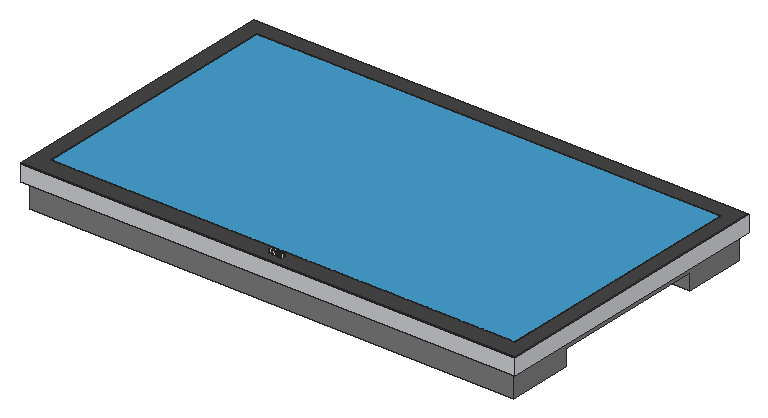
Revit family
Parameters (values of type "LCD8205")
  URL = "http://www.necdisplay.com/Products/Product/?product=0be3bc0b-e283-47a4-8a50-b0f5dac0808f"
  Display (Viewing Angle) = "178º Vert. 178º Hor. 89ºU/89ºD/89ºL/89ºR"
  Display (Viewable image Size) = 82.000"
  VESA Hole Configuration Specifications = "638 x 380 x 3mm (8 hole)"
  Sync Range (Vert.) = "55 to 85Hz"
  Sync Range (Horiz) = "20-82KHz"
  Power Consumption = "880 W"
  Display (Repsonse Time) = "8ms G-t-G"
  Display (Pixel Pitch) = "0.941mm"
  Display (Pixel Per inch) = ""
  Overall Width = 75.830"
  Overall Height = 44.780"
  Native Resolution = "1920 X 1080"
  Model = "LCD8205"
  Manufacturer = "NEC"
  Input Signal (Video) = "ANALOG RGB 0.7 Vp-p/75 Ohms"
  Input Signal (Sync) = "Separate sync: TTL Level (Positive/Negative)\r\nComposite sync: TTL Level (Positive/Negative)\r\nComposite sync on green: (0.3Vp-p negative 0.7Vp-p positive"
  Input Connectors = "DVI-I, Composite RCA (2), S-Video, Component BNC, HDMI, Audio (4)"
  Display (Contrast Ratio) = "2000:1"
  Display (Brightness) = "600 cd/m2"
  Description = "Large-Screen LCD Monitor in Landscape Orientation - Business"
  Default Elevation = 48.000"
  Cost = 49999
Reference planes (in)
  plane 1 "Center (Front/Back)": y = 0
  plane 2: z = 0
  plane 3 "Center (Left/Right)": x = 0
  plane 4 "back of screen": z = 3.75
  plane 5 "face of screen": z = 6.21
  plane 6 "right panel face": x = 33.31664
  plane 7 "bottom of panel": y = -21.6
  plane 8 "outer face screen": z = 6.31
Forms (in)
  Extrusion 1, solid, not visible
    sketch origin (0, 0, 0) x (1, 0, 0) y (0, 1, 0)
      loop
        line (-48, 48) -> (-48, -48) -> (48, -48) -> (48, 48) -> (-48, 48)
    from 0 to -12
  Extrusion 2, solid, material "Render Material 0-255-0"
    sketch origin (0, 0, 0) x (1, 0, 0) y (0, 1, 0)
      loop
        line (-37.125, 21.6) -> (-37.125, -21.6) -> (37.125, -21.6) -> (37.125, 21.6) -> (-37.125, 21.6)
    from 0 to 3.75
  Extrusion 3, solid
    sketch origin (0, 0, 3.75) x (0, -1, 0) y (1, 0, 0)
      loop
        line (-22.39, -37.915) -> (22.39, -37.915) -> (22.39, 37.915) -> (-22.39, 37.915) -> (-22.39, -37.915)
    from 0 to 2.46
  Extrusion 4, solid, material "Render Material 255-255-255"
    sketch origin (0, 0, 6.21) x (0, 1, 0) y (-1, 0, 0)
      loop
        line (22.39, 37.915) -> (-22.39, 37.915) -> (-22.39, -37.915) -> (22.39, -37.915) -> (22.39, 37.915)
      loop
        line (20, 35.565) -> (-19.43221, 35.565) -> (-19.43221, -35.565) -> (20, -35.565) -> (20, 35.565)
    from 0 to 0.1
  Extrusion 5, solid, material "Render Material 255-255-0"
    sketch origin (0, 0, 6.21) x (0, 1, 0) y (-1, 0, 0)
      loop
        line (20, 35.565) -> (-19.43221, 35.565) -> (-19.43221, -35.565) -> (20, -35.565) -> (20, 35.565)
    from 0 to 0.1
  Extrusion 6, void
    sketch origin (0, 0, 0) x (1, 0, 0) y (0, 1, 0)
      loop
        line (-28.15621, 20.4597) -> (-28.15621, 17.93773) -> (-22.99407, 17.93773) -> (-22.99407, 20.4597) -> (-28.15621, 20.4597)
    from 0 to 0.5
  Extrusion 7, void
    sketch origin (51.22733, 0, 0) x (1, 0, 0) y (0, 1, 0)
      loop
        line (-28.15621, 20.4597) -> (-28.15621, 17.93773) -> (-22.99407, 17.93773) -> (-22.99407, 20.4597) -> (-28.15621, 20.4597)
    from 0 to 0.5
  Extrusion 8, void
    sketch origin (51.22733, -38.37321, 0) x (1, 0, 0) y (0, 1, 0)
      loop
        line (-28.15621, 20.4597) -> (-28.15621, 17.93773) -> (-22.99407, 17.93773) -> (-22.99407, 20.4597) -> (-28.15621, 20.4597)
    from 0 to 0.5
  Extrusion 9, void
    sketch origin (0, -38.37321, 0) x (1, 0, 0) y (0, 1, 0)
      loop
        line (-28.15621, 20.4597) -> (-28.15621, 17.93773) -> (-22.99407, 17.93773) -> (-22.99407, 20.4597) -> (-28.15621, 20.4597)
    from 0 to 0.5
  Extrusion 10, void
    sketch origin (0, 0, 0) x (1, 0, 0) y (0, 1, 0)
      loop
        line (37.125, 12.10815) -> (33.31664, 12.10815) -> (33.31664, -11.67147) -> (37.125, -11.67147) -> (37.125, 12.10815)
    from 0 to 2.5
  Extrusion 11, solid, material "Default Light Source"
    sketch origin (-2.67103, 6.37672, 6.31) x (-1, 0, 0) y (0, -1, 0)
      loop
        arc (-1.95893, 26.83982) -> (-1.9105, 26.79365) -> (-1.84926, 26.76672) r 0.19367
        line (-1.84926, 26.76672) -> (-1.67103, 26.76672) -> (-1.67103, 27.27852) -> (-1.77158, 27.27852) -> (-1.77158, 26.91294) -> (-2.00919, 27.178)
        arc (-2.00919, 27.178) -> (-2.06395, 27.23833) -> (-2.13481, 27.27852) r 0.25739
        line (-2.13481, 27.27852) -> (-2.32909, 27.27852) -> (-2.32909, 26.76672) -> (-2.22854, 26.76672) -> (-2.22854, 27.14601) -> (-1.95893, 26.83982)
      loop
        line (-3.01456, 26.76672) -> (-2.41592, 26.76672) -> (-2.41592, 27.18255)
        arc (-2.41592, 27.18255) -> (-2.48847, 27.26219) -> (-2.59414, 27.2831) r 0.17209
        line (-2.59414, 27.2831) -> (-3.02369, 27.2831) -> (-3.02369, 27.20542) -> (-2.66504, 27.20542)
        arc (-2.66504, 27.20542) -> (-2.63913, 27.17993) -> (-2.62611, 27.14601) r 0.08573
        line (-2.62611, 27.14601) -> (-2.62611, 27.04546) -> (-2.98256, 27.04546) -> (-2.98256, 26.97236) -> (-2.62156, 26.97236) -> (-2.62611, 26.83982) -> (-3.01456, 26.83982) -> (-3.01456, 26.76672)
      loop
        arc (-3.06521, 27.10667) -> (-3.12784, 27.21509) -> (-3.24137, 27.26789) r 0.20794
        arc (-3.24137, 27.26789) -> (-3.34407, 27.28924) -> (-3.44868, 27.29681) r 0.79129
        line (-3.44868, 27.29681) -> (-3.57207, 27.30139) -> (-3.72287, 27.28768) -> (-3.72287, 27.20542) -> (-3.57665, 27.22368)
        arc (-3.57665, 27.22368) -> (-3.50308, 27.22169) -> (-3.43042, 27.20997) r 0.5544
        arc (-3.43042, 27.20997) -> (-3.31959, 27.14274) -> (-3.28417, 27.01804) r 0.17726
        arc (-3.28417, 27.01804) -> (-3.30898, 26.91836) -> (-3.38471, 26.84898) r 0.17806
        arc (-3.38471, 26.84898) -> (-3.46989, 26.82485) -> (-3.55836, 26.82156) r 0.37144
        line (-3.55836, 26.82156) -> (-3.71374, 26.83982) -> (-3.71374, 26.76672) -> (-3.57665, 26.75301) -> (-3.41213, 26.75756)
        arc (-3.41213, 26.75756) -> (-3.32687, 26.76367) -> (-3.24304, 26.78043) r 0.6801
        arc (-3.24304, 26.78043) -> (-3.12099, 26.84419) -> (-3.06027, 26.96778) r 0.22132
        line (-3.06027, 26.96778) -> (-3.06521, 27.10667)
    from 0 to 0.5
Cuts and joins
  Extrusion 6, Extrusion 7, Extrusion 8, Extrusion 9, Extrusion 10 cuts Extrusion 2
Lines and regions (in)
  reference lines
    curve 1: line (-37.915, 22.39, 0) -> (37.915, 22.39, 0)
    curve 2: line (-37.915, -22.39, 0) -> (-37.915, 22.39, 0)
    curve 3: line (37.915, -22.39, 0) -> (-37.915, -22.39, 0)
    curve 4: line (37.915, 22.39, 0) -> (37.915, -22.39, 0)
    curve 5: line (-37.915, 21.6, 0) -> (37.915, 21.6, 0)
    curve 6: line (-37.125, -22.39, 0) -> (-37.125, 21.6, 0)
    curve 7: line (37.915, -21.6, 0) -> (-37.125, -21.6, 0)
    curve 8: line (37.125, 21.6, 0) -> (37.125, -21.6, 0)
    curve 9: line (-35.565, -22.39, 0) -> (-35.565, 22.39, 0)
    curve 10: line (35.565, 22.39, 0) -> (35.565, -22.39, 0)
    curve 11: line (-37.915, 20, 0) -> (37.915, 20, 0)
    curve 12: line (37.915, -24.78, 0) -> (-37.915, -24.78, 0)
    curve 589: line (33.31664, -21.6, 1.875) -> (33.31664, -21.6, -0.625)
  model lines
    curve 13: line (33.31664, -2.45712, 1.43401) -> (33.31664, -3.67011, 1.43401)
    curve 14: line (33.31664, -2.45712, 1.92811) -> (33.31664, -2.45712, 1.43401)
    curve 15: line (33.31664, -2.71537, 1.46649) -> (33.31664, -3.378, 1.46649)
    curve 16: line (33.31664, -2.53488, 1.55901) -> (33.31664, -2.66131, 1.55901)
    curve 17: line (33.31664, -2.77353, 1.51649) -> (33.31664, -3.34516, 1.51649)
    curve 18: line (33.31664, -3.39017, 1.5615) -> (33.31664, -3.35393, 1.81189)
    curve 19: line (33.31664, -2.45712, 1.43401) -> (33.31664, -3.67011, 1.43401)
    curve 20: line (33.31664, -3.67011, 1.43401) -> (33.31664, -3.67011, 1.92811)
    curve 21: line (33.31664, -3.38903, 1.80311) -> (33.31664, -3.37807, 1.86522)
    curve 22: line (33.31664, -3.31373, 1.84562) -> (33.31664, -2.81226, 1.84562)
    curve 23: line (33.31664, -3.5585, 1.80311) -> (33.31664, -3.38903, 1.80311)
    curve 24: line (33.31664, -3.50213, 1.77358) -> (33.31664, -3.60896, 1.77358)
    curve 25: line (33.31664, -3.60896, 1.77358) -> (33.31664, -3.66238, 1.68106)
    curve 26: line (33.31664, -3.66238, 1.68106) -> (33.31664, -3.60896, 1.58854)
    curve 27: line (33.31664, -3.60896, 1.58854) -> (33.31664, -3.50213, 1.58854)
    curve 28: line (33.31664, -3.50213, 1.58854) -> (33.31664, -3.44871, 1.68106)
    curve 29: line (33.31664, -3.44871, 1.68106) -> (33.31664, -3.50213, 1.77358)
    curve 30: line (33.31664, -3.43206, 1.55901) -> (33.31664, -3.5585, 1.55901)
    curve 31: line (33.31664, -2.77241, 1.80578) -> (33.31664, -2.73706, 1.5615)
    curve 32: line (33.31664, -2.71521, 1.86471) -> (33.31664, -2.70435, 1.80311)
    curve 33: line (33.31664, -2.70435, 1.80311) -> (33.31664, -2.53488, 1.80311)
    curve 34: line (33.31664, -2.51827, 1.77358) -> (33.31664, -2.6251, 1.77358)
    curve 35: line (33.31664, -2.67852, 1.68106) -> (33.31664, -2.6251, 1.58854)
    curve 36: line (33.31664, -2.6251, 1.58854) -> (33.31664, -2.51827, 1.58854)
    curve 37: line (33.31664, -2.51827, 1.58854) -> (33.31664, -2.46485, 1.68106)
    curve 38: line (33.31664, -2.46485, 1.68106) -> (33.31664, -2.51827, 1.77358)
    curve 39: line (33.31664, -2.6251, 1.77358) -> (33.31664, -2.67852, 1.68106)
    curve 40: line (33.31664, -3.31604, 1.91728) -> (33.31664, -2.77733, 1.91728)
    curve 41: line (33.31664, -4.32739, 1.92811) -> (33.31664, -9.24864, 1.92811)
    curve 42: line (33.31664, -4.23684, 1.9911) -> (33.31664, -4.02424, 1.9911)
    curve 43: line (33.31664, -4.32739, 1.92811) -> (33.31664, 0.21197, 1.92811)
    curve 44: line (33.31664, 1.57811, 1.9911) -> (33.31664, -4.32739, 1.9911)
    curve 45: line (33.31664, -9.24864, 1.9911) -> (33.31664, -4.32739, 1.9911)
    curve 46: line (33.31664, 0.80252, 1.92811) -> (33.31664, 1.57811, 1.92811)
    curve 47: line (33.31664, 0.21197, 1.92811) -> (33.31664, 0.80252, 1.92811)
    curve 48: line (33.31664, 0.18953, 1.9911) -> (33.31664, 0.18953, 1.62968)
    curve 49: line (33.31664, 0.21197, 1.68874) -> (33.31664, 0.80252, 1.68874)
    curve 50: line (33.31664, 0.18953, 1.9911) -> (33.31664, 0.18953, 1.62968)
    curve 51: line (33.31664, 0.18953, 1.9911) -> (33.31664, 0.18953, 1.62968)
    curve 52: line (33.31664, 0.21197, 1.92811) -> (33.31664, 0.21197, 1.68874)
    curve 53: line (33.31664, 0.18953, 1.62968) -> (33.31664, 0.85882, 1.62968)
    curve 54: line (33.31664, 0.80252, 1.68874) -> (33.31664, 0.80252, 1.92811)
    curve 55: line (33.31664, 0.85882, 1.62968) -> (33.31664, 0.85882, 1.9911)
    curve 56: line (33.31664, -1.57346, 1.53441) -> (33.31664, -0.12071, 1.53441)
    curve 57: line (33.31664, -0.12071, 1.92811) -> (33.31664, -1.57346, 1.92811)
    curve 58: line (33.31664, -1.57346, 1.92811) -> (33.31664, -1.57346, 1.53441)
    curve 59: line (33.31664, -1.31952, 1.88086) -> (33.31664, -1.31952, 1.58165)
    curve 60: line (33.31664, -0.37464, 1.58165) -> (33.31664, -0.37464, 1.88086)
    curve 61: line (33.31664, -0.37464, 1.88086) -> (33.31664, -1.31952, 1.88086)
    curve 62: line (33.31664, -1.31952, 1.58165) -> (33.31664, -0.37464, 1.58165)
    curve 63: line (33.31664, -1.28343, 1.54038) -> (33.31664, -0.3773, 1.54038)
    curve 64: line (33.31664, -0.3377, 1.60921) -> (33.31664, -0.19039, 1.60921)
    curve 65: line (33.31664, -0.12071, 1.53441) -> (33.31664, -0.12071, 1.92811)
    curve 66: line (33.31664, -0.19039, 1.8533) -> (33.31664, -0.33876, 1.8533)
    curve 67: line (33.31664, -0.37813, 1.9144) -> (33.31664, -1.28218, 1.9144)
    curve 68: line (33.31664, -1.31952, 1.8533) -> (33.31664, -1.46992, 1.8533)
    curve 69: line (33.31664, -1.46992, 1.60921) -> (33.31664, -1.31952, 1.60921)
    curve 70: line (33.31664, -0.90614, 1.8287) -> (33.31664, -0.96323, 1.8287)
    curve 71: line (33.31664, -0.96323, 1.8287) -> (33.31664, -0.96323, 1.77161)
    curve 72: line (33.31664, -0.96323, 1.77161) -> (33.31664, -0.90614, 1.77161)
    curve 73: line (33.31664, -0.90614, 1.77161) -> (33.31664, -0.90614, 1.8287)
    curve 74: line (33.31664, -0.90614, 1.7598) -> (33.31664, -0.96323, 1.7598)
    curve 75: line (33.31664, -0.96323, 1.7598) -> (33.31664, -0.96323, 1.70271)
    curve 76: line (33.31664, -0.96323, 1.70271) -> (33.31664, -0.90614, 1.70271)
    curve 77: line (33.31664, -0.90614, 1.70271) -> (33.31664, -0.90614, 1.7598)
    curve 78: line (33.31664, -0.90614, 1.6909) -> (33.31664, -0.96323, 1.6909)
    curve 79: line (33.31664, -0.96323, 1.6909) -> (33.31664, -0.96323, 1.63381)
    curve 80: line (33.31664, -0.96323, 1.63381) -> (33.31664, -0.90614, 1.63381)
    curve 81: line (33.31664, -0.90614, 1.63381) -> (33.31664, -0.90614, 1.6909)
    curve 82: line (33.31664, -0.83724, 1.8287) -> (33.31664, -0.89433, 1.8287)
    curve 83: line (33.31664, -0.89433, 1.8287) -> (33.31664, -0.89433, 1.77161)
    curve 84: line (33.31664, -0.89433, 1.77161) -> (33.31664, -0.83724, 1.77161)
    curve 85: line (33.31664, -0.83724, 1.77161) -> (33.31664, -0.83724, 1.8287)
    curve 86: line (33.31664, -0.83724, 1.7598) -> (33.31664, -0.89433, 1.7598)
    curve 87: line (33.31664, -0.89433, 1.7598) -> (33.31664, -0.89433, 1.70271)
    curve 88: line (33.31664, -0.89433, 1.70271) -> (33.31664, -0.83724, 1.70271)
    curve 89: line (33.31664, -0.83724, 1.70271) -> (33.31664, -0.83724, 1.7598)
    curve 90: line (33.31664, -0.83724, 1.6909) -> (33.31664, -0.89433, 1.6909)
    curve 91: line (33.31664, -0.89433, 1.6909) -> (33.31664, -0.89433, 1.63381)
    curve 92: line (33.31664, -0.89433, 1.63381) -> (33.31664, -0.83724, 1.63381)
    curve 93: line (33.31664, -0.83724, 1.63381) -> (33.31664, -0.83724, 1.6909)
    curve 94: line (33.31664, -0.42386, 1.8287) -> (33.31664, -0.48094, 1.8287)
    curve 95: line (33.31664, -0.48094, 1.8287) -> (33.31664, -0.48094, 1.77161)
    curve 96: line (33.31664, -0.48094, 1.77161) -> (33.31664, -0.42386, 1.77161)
    curve 97: line (33.31664, -0.42386, 1.77161) -> (33.31664, -0.42386, 1.8287)
    curve 98: line (33.31664, -0.42386, 1.7598) -> (33.31664, -0.48094, 1.7598)
    curve 99: line (33.31664, -0.48094, 1.7598) -> (33.31664, -0.48094, 1.70271)
    curve 100: line (33.31664, -0.48094, 1.70271) -> (33.31664, -0.42386, 1.70271)
    curve 101: line (33.31664, -0.42386, 1.70271) -> (33.31664, -0.42386, 1.7598)
    curve 102: line (33.31664, -0.42386, 1.6909) -> (33.31664, -0.48094, 1.6909)
    curve 103: line (33.31664, -0.48094, 1.6909) -> (33.31664, -0.48094, 1.63381)
    curve 104: line (33.31664, -0.48094, 1.63381) -> (33.31664, -0.42386, 1.63381)
    curve 105: line (33.31664, -0.42386, 1.63381) -> (33.31664, -0.42386, 1.6909)
    curve 106: line (33.31664, -0.49275, 1.8287) -> (33.31664, -0.54984, 1.8287)
    curve 107: line (33.31664, -0.54984, 1.8287) -> (33.31664, -0.54984, 1.77161)
    curve 108: line (33.31664, -0.54984, 1.77161) -> (33.31664, -0.49275, 1.77161)
    curve 109: line (33.31664, -0.49275, 1.77161) -> (33.31664, -0.49275, 1.8287)
    curve 110: line (33.31664, -0.49275, 1.7598) -> (33.31664, -0.54984, 1.7598)
    curve 111: line (33.31664, -0.54984, 1.7598) -> (33.31664, -0.54984, 1.70271)
    curve 112: line (33.31664, -0.54984, 1.70271) -> (33.31664, -0.49275, 1.70271)
    curve 113: line (33.31664, -0.49275, 1.70271) -> (33.31664, -0.49275, 1.7598)
    curve 114: line (33.31664, -0.49275, 1.6909) -> (33.31664, -0.54984, 1.6909)
    curve 115: line (33.31664, -0.54984, 1.6909) -> (33.31664, -0.54984, 1.63381)
    curve 116: line (33.31664, -0.54984, 1.63381) -> (33.31664, -0.49275, 1.63381)
    curve 117: line (33.31664, -0.49275, 1.63381) -> (33.31664, -0.49275, 1.6909)
    curve 118: line (33.31664, -0.56165, 1.8287) -> (33.31664, -0.61874, 1.8287)
    curve 119: line (33.31664, -0.61874, 1.8287) -> (33.31664, -0.61874, 1.77161)
    curve 120: line (33.31664, -0.61874, 1.77161) -> (33.31664, -0.56165, 1.77161)
    curve 121: line (33.31664, -0.56165, 1.77161) -> (33.31664, -0.56165, 1.8287)
    curve 122: line (33.31664, -0.56165, 1.7598) -> (33.31664, -0.61874, 1.7598)
    curve 123: line (33.31664, -0.61874, 1.7598) -> (33.31664, -0.61874, 1.70271)
    curve 124: line (33.31664, -0.61874, 1.70271) -> (33.31664, -0.56165, 1.70271)
    curve 125: line (33.31664, -0.56165, 1.70271) -> (33.31664, -0.56165, 1.7598)
    curve 126: line (33.31664, -0.56165, 1.6909) -> (33.31664, -0.61874, 1.6909)
    curve 127: line (33.31664, -0.61874, 1.6909) -> (33.31664, -0.61874, 1.63381)
    curve 128: line (33.31664, -0.61874, 1.63381) -> (33.31664, -0.56165, 1.63381)
    curve 129: line (33.31664, -0.56165, 1.63381) -> (33.31664, -0.56165, 1.6909)
    curve 130: line (33.31664, -0.63055, 1.8287) -> (33.31664, -0.68764, 1.8287)
    curve 131: line (33.31664, -0.68764, 1.8287) -> (33.31664, -0.68764, 1.77161)
    curve 132: line (33.31664, -0.68764, 1.77161) -> (33.31664, -0.63055, 1.77161)
    curve 133: line (33.31664, -0.63055, 1.77161) -> (33.31664, -0.63055, 1.8287)
    curve 134: line (33.31664, -0.63055, 1.7598) -> (33.31664, -0.68764, 1.7598)
    curve 135: line (33.31664, -0.68764, 1.7598) -> (33.31664, -0.68764, 1.70271)
    curve 136: line (33.31664, -0.68764, 1.70271) -> (33.31664, -0.63055, 1.70271)
    curve 137: line (33.31664, -0.63055, 1.70271) -> (33.31664, -0.63055, 1.7598)
    curve 138: line (33.31664, -0.63055, 1.6909) -> (33.31664, -0.68764, 1.6909)
    curve 139: line (33.31664, -0.68764, 1.6909) -> (33.31664, -0.68764, 1.63381)
    curve 140: line (33.31664, -0.68764, 1.63381) -> (33.31664, -0.63055, 1.63381)
    curve 141: line (33.31664, -0.63055, 1.63381) -> (33.31664, -0.63055, 1.6909)
    curve 142: line (33.31664, -0.69945, 1.8287) -> (33.31664, -0.75653, 1.8287)
    curve 143: line (33.31664, -0.75653, 1.8287) -> (33.31664, -0.75653, 1.77161)
    curve 144: line (33.31664, -0.75653, 1.77161) -> (33.31664, -0.69945, 1.77161)
    curve 145: line (33.31664, -0.69945, 1.77161) -> (33.31664, -0.69945, 1.8287)
    curve 146: line (33.31664, -0.69945, 1.7598) -> (33.31664, -0.75653, 1.7598)
    curve 147: line (33.31664, -0.75653, 1.7598) -> (33.31664, -0.75653, 1.70271)
    curve 148: line (33.31664, -0.75653, 1.70271) -> (33.31664, -0.69945, 1.70271)
    curve 149: line (33.31664, -0.69945, 1.70271) -> (33.31664, -0.69945, 1.7598)
    curve 150: line (33.31664, -0.69945, 1.6909) -> (33.31664, -0.75653, 1.6909)
    curve 151: line (33.31664, -0.75653, 1.6909) -> (33.31664, -0.75653, 1.63381)
    curve 152: line (33.31664, -0.75653, 1.63381) -> (33.31664, -0.69945, 1.63381)
    curve 153: line (33.31664, -0.69945, 1.63381) -> (33.31664, -0.69945, 1.6909)
    curve 154: line (33.31664, -0.76834, 1.8287) -> (33.31664, -0.82543, 1.8287)
    curve 155: line (33.31664, -0.82543, 1.8287) -> (33.31664, -0.82543, 1.77161)
    curve 156: line (33.31664, -0.82543, 1.77161) -> (33.31664, -0.76834, 1.77161)
    curve 157: line (33.31664, -0.76834, 1.77161) -> (33.31664, -0.76834, 1.8287)
    curve 158: line (33.31664, -0.76834, 1.7598) -> (33.31664, -0.82543, 1.7598)
    curve 159: line (33.31664, -0.82543, 1.7598) -> (33.31664, -0.82543, 1.70271)
    curve 160: line (33.31664, -0.82543, 1.70271) -> (33.31664, -0.76834, 1.70271)
    curve 161: line (33.31664, -0.76834, 1.70271) -> (33.31664, -0.76834, 1.7598)
    curve 162: line (33.31664, -0.76834, 1.6909) -> (33.31664, -0.82543, 1.6909)
    curve 163: line (33.31664, -0.82543, 1.6909) -> (33.31664, -0.82543, 1.63381)
    curve 164: line (33.31664, -0.82543, 1.63381) -> (33.31664, -0.76834, 1.63381)
    curve 165: line (33.31664, -0.76834, 1.63381) -> (33.31664, -0.76834, 1.6909)
    curve 166: line (33.31664, -1.81441, 1.90055) -> (33.31664, -2.24748, 1.90055)
    curve 167: line (33.31664, -2.24748, 1.90055) -> (33.31664, -2.24748, 1.48322)
    curve 168: line (33.31664, -2.28409, 1.92811) -> (33.31664, -2.28409, 1.49504)
    curve 169: line (33.31664, -2.28409, 1.49504) -> (33.31664, -2.16598, 1.49504)
    curve 170: line (33.31664, -2.22503, 1.52259) -> (33.31664, -1.8707, 1.52259)
    curve 171: line (33.31664, -2.24748, 1.48322) -> (33.31664, -1.81441, 1.48322)
    curve 172: line (33.31664, -1.92976, 1.29819) -> (33.31664, -1.92976, 1.49504)
    curve 173: line (33.31664, -2.16598, 1.49504) -> (33.31664, -2.16598, 1.29819)
    curve 174: line (33.31664, -2.22503, 1.86118) -> (33.31664, -2.22503, 1.52259)
    curve 175: line (33.31664, -1.8707, 1.86118) -> (33.31664, -2.22503, 1.86118)
    curve 176: line (33.31664, -1.8707, 1.52259) -> (33.31664, -1.8707, 1.86118)
    curve 177: line (33.31664, -1.81441, 1.48322) -> (33.31664, -1.81441, 1.90055)
    curve 178: line (33.31664, -1.81165, 1.49504) -> (33.31664, -1.81165, 1.92811)
    curve 179: line (33.31664, -1.92976, 1.49504) -> (33.31664, -1.81165, 1.49504)
    curve 180: line (33.31664, -5.27227, 1.92811) -> (33.31664, -5.27227, 1.43992)
    curve 181: line (33.31664, -5.27227, 1.43992) -> (33.31664, -4.94944, 1.43992)
    curve 182: line (33.31664, -4.94944, 1.43992) -> (33.31664, -4.94944, 1.92811)
    curve 183: line (33.31664, -6.40416, 0.86512) -> (33.31664, -6.10888, 0.86512)
    curve 184: line (33.31664, -6.98487, 0.86512) -> (33.31664, -6.66006, 0.86512)
    curve 185: line (33.31664, -5.85298, 0.86512) -> (33.31664, -5.52818, 0.86512)
    curve 186: line (33.31664, -5.44944, 0.94386) -> (33.31664, -5.44944, 1.26866)
    curve 187: line (33.31664, -5.44944, 1.52456) -> (33.31664, -5.44944, 1.84937)
    curve 188: line (33.31664, -9.73368, 1.18992) -> (33.31664, -10.73762, 1.18992)
    curve 189: line (33.31664, -9.73368, 2.07574) -> (33.31664, -10.73762, 2.07574)
    curve 190: line (33.31664, -11.00336, 1.82574) -> (33.31664, -10.8262, 1.82574)
    curve 191: line (33.31664, -10.8262, 1.43204) -> (33.31664, -11.00336, 1.43204)
    curve 192: line (33.31664, -10.86557, 2.21944) -> (33.31664, -10.86557, 1.82574)
    curve 193: line (33.31664, -10.8262, 2.21944) -> (33.31664, -10.8262, 1.43204)
    curve 194: line (33.31664, -9.6451, 1.43204) -> (33.31664, -9.6451, 2.21944)
    curve 195: line (33.31664, -9.60573, 1.82574) -> (33.31664, -9.60573, 2.21944)
    curve 196: line (33.31664, -9.6451, 1.82574) -> (33.31664, -9.46793, 1.82574)
    curve 197: line (33.31664, -9.63526, 1.95763) -> (33.31664, -9.63526, 1.28834)
    curve 198: line (33.31664, -9.46793, 1.43204) -> (33.31664, -9.6451, 1.43204)
    curve 199: line (33.31664, -10.83604, 1.97732) -> (33.31664, -10.83604, 1.28834)
    curve 200: line (33.31664, -9.6451, 2.25881) -> (33.31664, -10.8262, 2.25881)
    curve 201: line (33.31664, 2.07732, 2.19582) -> (33.31664, -11.71202, 2.19582)
    curve 202: line (33.31664, -11.43366, 2.1722) -> (33.31664, -0.41006, 2.1722)
    curve 203: line (33.31664, -11.73171, 2.22732) -> (33.31664, 2.097, 2.22732)
    curve 204: line (33.31664, 12.10815, 2.24307) -> (33.31664, -11.67147, 2.24307)
    curve 205: line (33.31664, -11.43366, 2.23519) -> (33.31664, -0.41006, 2.23519)
    curve 206: line (33.31664, -9.6451, 2.21944) -> (33.31664, -10.8262, 2.21944)
    curve 207: line (33.31664, -11.73171, 0.04622) -> (33.31664, -11.73171, 2.22732)
    curve 208: line (33.31664, -11.71202, 2.22732) -> (33.31664, -11.71202, 0.01472)
    curve 209: line (33.31664, -11.75021, 2.16433) -> (33.31664, -11.75021, 0.01472)
    curve 210: line (33.31664, -15.76773, 0.36905) -> (33.31664, -15.76773, 0.01472)
    curve 211: line (33.31664, -15.76773, 0.36905) -> (33.31664, -21.53145, 0.36905)
    curve 212: line (33.31664, -1.14905, 0.48714) -> (33.31664, -1.14905, 1.07769)
    curve 213: line (33.31664, -1.14905, 1.07769) -> (33.31664, 0.85882, 1.07769)
    curve 214: line (33.31664, 0.85882, 0.48714) -> (33.31664, -1.14905, 0.48714)
    curve 215: line (33.31664, 0.85882, 1.07769) -> (33.31664, 0.85882, 0.48714)
    curve 216: line (33.31664, 1.65409, 0.01472) -> (33.31664, 1.65409, 2.14858)
    curve 217: line (33.31664, 2.07732, 0.01472) -> (33.31664, 2.07732, 2.22732)
    curve 218: line (33.31664, -11.71202, 0.01472) -> (33.31664, 2.07732, 0.01472)
    curve 219: line (33.31664, 2.10882, 2.25881) -> (33.31664, 2.10882, 0.05409)
    curve 220: line (33.31664, 2.097, 2.22732) -> (33.31664, 2.097, 0.04622)
    curve 221: line (33.31664, 21.55114, 0.01472) -> (33.31664, -21.55114, 0.01472)
    curve 222: line (33.31664, 10.19738, 1.42023) -> (33.31664, 10.19738, 1.97141)
    curve 223: line (33.31664, 9.60683, 1.42023) -> (33.31664, 10.19738, 1.42023)
    curve 224: line (33.31664, 9.60683, 1.97141) -> (33.31664, 9.60683, 1.42023)
    curve 225: line (33.31664, 8.89817, 2.22732) -> (33.31664, 8.89817, 1.81393)
    curve 226: line (33.31664, 8.89817, 1.81393) -> (33.31664, 9.13439, 1.81393)
    curve 227: line (33.31664, 9.13439, 1.81393) -> (33.31664, 9.13439, 2.22732)
    curve 228: line (33.31664, 7.03991, 1.97141) -> (33.31664, 10.27612, 1.97141)
    curve 229: line (33.31664, 10.27612, 2.03047) -> (33.31664, 7.03991, 2.03047)
    curve 230: line (33.31664, 7.09896, 2.22732) -> (33.31664, 7.09896, 2.03047)
    curve 231: line (33.31664, 7.29581, 2.03047) -> (33.31664, 7.29581, 2.22732)
    curve 232: line (33.31664, 7.50054, 1.97141) -> (33.31664, 7.50054, 1.47535)
    curve 233: line (33.31664, 7.50054, 1.47535) -> (33.31664, 7.74069, 1.47535)
    curve 234: line (33.31664, 7.74069, 1.47535) -> (33.31664, 7.74069, 1.97141)
    curve 235: line (33.31664, 7.9651, 2.03047) -> (33.31664, 7.9651, 2.22732)
    curve 236: line (33.31664, 7.76825, 2.22732) -> (33.31664, 7.76825, 2.03047)
    curve 237: line (33.31664, 10.62258, 2.18007) -> (33.31664, 2.44937, 2.18007)
    curve 238: line (33.31664, 12.10815, 2.24307) -> (33.31664, -11.67147, 2.24307)
    curve 239: line (33.31664, 1.73283, 2.22732) -> (33.31664, 11.33911, 2.22732)
    curve 240: line (33.31664, 6.01432, 1.9222) -> (33.31664, 5.48282, 1.9222)
    curve 241: line (33.31664, 5.48282, 1.9222) -> (33.31664, 5.48282, 1.66629)
    curve 242: line (33.31664, 5.48282, 1.66629) -> (33.31664, 6.01432, 1.66629)
    curve 243: line (33.31664, 6.01432, 1.66629) -> (33.31664, 6.01432, 1.9222)
    curve 244: line (33.31664, 4.15409, 2.22732) -> (33.31664, 4.15409, 2.03047)
    curve 245: line (33.31664, 4.15409, 2.03047) -> (33.31664, 4.35094, 2.03047)
    curve 246: line (33.31664, 4.35094, 2.03047) -> (33.31664, 4.35094, 2.22732)
    curve 247: line (33.31664, 8.72101, 2.22732) -> (33.31664, 8.72101, 2.03047)
    curve 248: line (33.31664, 8.91786, 2.03047) -> (33.31664, 8.91786, 2.22732)
    curve 249: line (33.31664, 9.27219, 2.22732) -> (33.31664, 9.27219, 2.03047)
    curve 250: line (33.31664, 9.46904, 2.03047) -> (33.31664, 9.46904, 2.22732)
    curve 251: line (33.31664, 9.66589, 2.03047) -> (33.31664, 9.66589, 2.22732)
    curve 252: line (33.31664, 9.79384, 2.22732) -> (33.31664, 9.79384, 2.03047)
    curve 253: line (33.31664, 9.84305, 2.12102) -> (33.31664, 9.84305, 1.97141)
    curve 254: line (33.31664, 9.96116, 2.12102) -> (33.31664, 9.84305, 2.12102)
    curve 255: line (33.31664, 9.96116, 1.97141) -> (33.31664, 9.96116, 2.12102)
    curve 256: line (33.31664, 9.69264, 2.12102) -> (33.31664, 9.69264, 1.97141)
    curve 257: line (33.31664, 9.73201, 1.97141) -> (33.31664, 9.73201, 2.12102)
    curve 258: line (33.31664, 10.0722, 1.97141) -> (33.31664, 10.0722, 2.12102)
    curve 259: line (33.31664, 10.11157, 2.12102) -> (33.31664, 10.11157, 1.97141)
    curve 260: line (33.31664, 10.21707, 2.03047) -> (33.31664, 10.21707, 2.22732)
    curve 261: line (33.31664, 10.27612, 1.97141) -> (33.31664, 10.27612, 2.03047)
    curve 262: line (33.31664, 9.99069, 2.03047) -> (33.31664, 9.99069, 2.22732)
    curve 263: line (33.31664, 10.02022, 2.22732) -> (33.31664, 10.02022, 2.03047)
    curve 264: line (33.31664, 10.0722, 2.12102) -> (33.31664, 10.11157, 2.12102)
    curve 265: line (33.31664, 9.73201, 2.12102) -> (33.31664, 9.69264, 2.12102)
    curve 266: line (33.31664, 10.62258, 2.14858) -> (33.31664, 10.35486, 2.14858)
    curve 267: line (33.31664, 10.35486, 2.14858) -> (33.31664, 10.35486, 0.40842)
    curve 268: line (33.31664, 10.62258, 0.37693) -> (33.31664, 10.62258, 2.22732)
    curve 269: line (33.31664, 10.66982, 0.32968) -> (33.31664, 10.66982, 2.22732)
    curve 270: line (33.31664, 10.68951, 0.32968) -> (33.31664, 2.38244, 0.32968)
    curve 271: line (33.31664, 10.66982, 0.37693) -> (33.31664, 2.40212, 0.37693)
    curve 272: line (33.31664, 10.35486, 0.40842) -> (33.31664, 10.62258, 0.40842)
    curve 273: line (33.31664, 10.66982, 0.40842) -> (33.31664, 2.40212, 0.40842)
    curve 274: line (33.31664, 10.68951, 0.01472) -> (33.31664, 10.68951, 0.32968)
    curve 275: line (33.31664, 10.11864, 0.25094) -> (33.31664, 10.23675, 0.25094)
    curve 276: line (33.31664, 10.0399, 0.25094) -> (33.31664, 9.92179, 0.25094)
    curve 277: line (33.31664, 11.00579, 2.22732) -> (33.31664, 11.00579, 0.01472)
    curve 278: line (33.31664, 11.41785, 2.14858) -> (33.31664, 11.41785, 0.01472)
    curve 279: line (33.31664, 10.0024, 0.80409) -> (33.31664, 9.80181, 0.80409)
    curve 280: line (33.31664, 2.5596, 1.16039) -> (33.31664, 9.26037, 1.16039)
    curve 281: line (33.31664, 9.26037, 1.22338) -> (33.31664, 2.5596, 1.22338)
    curve 282: line (33.31664, 9.26037, 1.16039) -> (33.31664, 9.26037, 1.22338)
    curve 283: line (33.31664, 8.14227, 0.76275) -> (33.31664, 8.61471, 0.76275)
    curve 284: line (33.31664, 8.14227, 1.16039) -> (33.31664, 8.14227, 0.76275)
    curve 285: line (33.31664, 8.61471, 0.76275) -> (33.31664, 8.61471, 1.16039)
    curve 286: line (33.31664, 2.44937, 0.37693) -> (33.31664, 2.44937, 2.22732)
    curve 287: line (33.31664, 2.40212, 0.32968) -> (33.31664, 2.40212, 2.22732)
    curve 288: line (33.31664, 2.71708, 2.14858) -> (33.31664, 2.71708, 0.40842)
    curve 289: line (33.31664, 2.71708, 0.76669) -> (33.31664, 4.18952, 0.76669)
    curve 290: line (33.31664, 2.5596, 1.16039) -> (33.31664, 9.26037, 1.16039)
    curve 291: line (33.31664, 3.97571, 0.76669) -> (33.31664, 3.97571, 1.16039)
    curve 292: line (33.31664, 4.18952, 0.76669) -> (33.31664, 4.18952, 1.16039)
    curve 293: line (33.31664, 2.93362, 1.22338) -> (33.31664, 2.93362, 1.81393)
    curve 294: line (33.31664, 2.6974, 1.81393) -> (33.31664, 2.6974, 1.22338)
    curve 295: line (33.31664, 2.5596, 1.22338) -> (33.31664, 2.5596, 1.16039)
    curve 296: line (33.31664, 2.92847, 1.16039) -> (33.31664, 2.92847, 0.76669)
    curve 297: line (33.31664, 3.92846, 1.11708) -> (33.31664, 2.97571, 1.11708)
    curve 298: line (33.31664, 2.97571, 0.81) -> (33.31664, 3.92846, 0.81)
    curve 299: line (33.31664, 3.92846, 0.81) -> (33.31664, 3.92846, 1.11708)
    curve 300: line (33.31664, 2.97571, 1.11708) -> (33.31664, 2.97571, 0.81)
    curve 301: line (33.31664, 4.27613, 1.16039) -> (33.31664, 4.27613, 0.8848)
    curve 302: line (33.31664, 4.60881, 0.44779) -> (33.31664, 6.18361, 0.44779)
    curve 303: line (33.31664, 4.60881, 0.82181) -> (33.31664, 4.60881, 0.44779)
    curve 304: line (33.31664, 4.50448, 0.66433) -> (33.31664, 5.03204, 0.66433)
    curve 305: line (33.31664, 5.03204, 0.66433) -> (33.31664, 5.03204, 1.16039)
    curve 306: line (33.31664, 4.50448, 1.16039) -> (33.31664, 4.50448, 0.66433)
    curve 307: line (33.31664, 4.25448, 0.82181) -> (33.31664, 4.60881, 0.82181)
    curve 308: line (33.31664, 4.27613, 0.8848) -> (33.31664, 4.51235, 0.8848)
    curve 309: line (33.31664, 6.53794, 0.8848) -> (33.31664, 4.25448, 0.8848)
    curve 310: line (33.31664, 4.80566, 1.05409) -> (33.31664, 5.98676, 1.05409)
    curve 311: line (33.31664, 4.80566, 0.93598) -> (33.31664, 4.80566, 1.05409)
    curve 312: line (33.31664, 4.60881, 0.93598) -> (33.31664, 4.80566, 0.93598)
    curve 313: line (33.31664, 4.25448, 0.8848) -> (33.31664, 4.25448, 0.82181)
    curve 314: line (33.31664, 4.60881, 0.8848) -> (33.31664, 4.60881, 0.93598)
    curve 315: line (33.31664, 4.51235, 0.8848) -> (33.31664, 4.51235, 1.16039)
    curve 316: line (33.31664, 5.24463, 0.68008) -> (33.31664, 5.6777, 0.68008)
    curve 317: line (33.31664, 5.24463, 1.16039) -> (33.31664, 5.24463, 0.68008)
    curve 318: line (33.31664, 5.6777, 0.68008) -> (33.31664, 5.6777, 1.16039)
    curve 319: line (33.31664, 6.18361, 0.44779) -> (33.31664, 6.18361, 0.82181)
    curve 320: line (33.31664, 6.18361, 0.82181) -> (33.31664, 6.53794, 0.82181)
    curve 321: line (33.31664, 5.98676, 0.93598) -> (33.31664, 6.18361, 0.93598)
    curve 322: line (33.31664, 5.98676, 1.05409) -> (33.31664, 5.98676, 0.93598)
    curve 323: line (33.31664, 6.28007, 1.16039) -> (33.31664, 6.28007, 0.8848)
    curve 324: line (33.31664, 6.18361, 0.93598) -> (33.31664, 6.18361, 0.8848)
    curve 325: line (33.31664, 5.91392, 1.16039) -> (33.31664, 5.91392, 0.60134)
    curve 326: line (33.31664, 5.92574, 1.14858) -> (33.31664, 5.92574, 0.61315)
    curve 327: line (33.31664, 5.91392, 0.60134) -> (33.31664, 6.58321, 0.60134)
    curve 328: line (33.31664, 5.92574, 0.61315) -> (33.31664, 6.5714, 0.61315)
    curve 329: line (33.31664, 6.5714, 0.61315) -> (33.31664, 6.5714, 1.14858)
    curve 330: line (33.31664, 6.53794, 0.82181) -> (33.31664, 6.53794, 0.8848)
    curve 331: line (33.31664, 6.51629, 0.8848) -> (33.31664, 6.51629, 1.16039)
    curve 332: line (33.31664, 6.58321, 0.60134) -> (33.31664, 6.58321, 1.16039)
    curve 333: line (33.31664, 2.5596, 1.16039) -> (33.31664, 9.26037, 1.16039)
    curve 334: line (33.31664, 6.5714, 1.14858) -> (33.31664, 5.92574, 1.14858)
    curve 335: line (33.31664, 6.54666, 1.05015) -> (33.31664, 6.54666, 0.95173)
    curve 336: line (33.31664, 8.10379, 1.05015) -> (33.31664, 6.54666, 1.05015)
    curve 337: line (33.31664, 6.54666, 0.95173) -> (33.31664, 8.10379, 0.95173)
    curve 338: line (33.31664, 6.7642, 0.95173) -> (33.31664, 6.7642, 0.43992)
    curve 339: line (33.31664, 6.81943, 1.16039) -> (33.31664, 6.81943, 0.4911)
    curve 340: line (33.31664, 6.80762, 1.1722) -> (33.31664, 6.80762, 0.47929)
    curve 341: line (33.31664, 7.42967, 1.1722) -> (33.31664, 6.80762, 1.1722)
    curve 342: line (33.31664, 6.7642, 0.40055) -> (33.31664, 6.7642, 0.43992)
    curve 343: line (33.31664, 7.88625, 0.40055) -> (33.31664, 6.7642, 0.40055)
    curve 344: line (33.31664, 6.7642, 0.43992) -> (33.31664, 7.88625, 0.43992)
    curve 345: line (33.31664, 6.80762, 0.47929) -> (33.31664, 7.42967, 0.47929)
    curve 346: line (33.31664, 6.81943, 0.4911) -> (33.31664, 7.41786, 0.4911)
    curve 347: line (33.31664, 7.88625, 0.43992) -> (33.31664, 7.88625, 0.95173)
    curve 348: line (33.31664, 7.88625, 0.43992) -> (33.31664, 7.88625, 0.40055)
    curve 349: line (33.31664, 7.42967, 0.47929) -> (33.31664, 7.42967, 1.1722)
    curve 350: line (33.31664, 7.41786, 0.4911) -> (33.31664, 7.41786, 1.16039)
    curve 351: line (33.31664, 7.59896, 1.16039) -> (33.31664, 7.59896, 0.68401)
    curve 352: line (33.31664, 8.10379, 0.95173) -> (33.31664, 8.10379, 1.05015)
    curve 353: line (33.31664, 7.97298, 0.68401) -> (33.31664, 7.97298, 1.16039)
    curve 354: line (33.31664, 7.59896, 0.68401) -> (33.31664, 7.97298, 0.68401)
    curve 355: line (33.31664, 7.58715, 0.73126) -> (33.31664, 7.98479, 0.73126)
    curve 356: line (33.31664, 7.59896, 0.74307) -> (33.31664, 7.97298, 0.74307)
    curve 357: line (33.31664, 7.97298, 1.0659) -> (33.31664, 7.59896, 1.0659)
    curve 358: line (33.31664, 7.98479, 1.07771) -> (33.31664, 7.58715, 1.07771)
    curve 359: line (33.31664, 7.58715, 1.07771) -> (33.31664, 7.58715, 0.73126)
    curve 360: line (33.31664, 7.98479, 0.73126) -> (33.31664, 7.98479, 1.07771)
    curve 361: circle (33.31664, -8.62093, 1.67896) r 0.0628 normal (1, 0, 0)
    curve 362: circle (33.31664, -8.62093, 1.67896) r 0.11774 normal (1, 0, 0)
    curve 363: circle (33.31664, -8.62093, 1.67896) r 0.16021 normal (1, 0, 0)
    curve 364: circle (33.31664, -8.62093, 1.67896) r 0.22514 normal (1, 0, 0)
    curve 365: circle (33.31664, -8.07536, 1.67896) r 0.0628 normal (1, 0, 0)
    curve 366: circle (33.31664, -8.07536, 1.67896) r 0.11774 normal (1, 0, 0)
    curve 367: circle (33.31664, -8.07536, 1.67896) r 0.16021 normal (1, 0, 0)
    curve 368: circle (33.31664, -8.07536, 1.67896) r 0.22514 normal (1, 0, 0)
    curve 369: circle (33.31664, -7.44804, 1.67896) r 0.0628 normal (1, 0, 0)
    curve 370: circle (33.31664, -7.44804, 1.67896) r 0.11774 normal (1, 0, 0)
    curve 371: circle (33.31664, -7.44804, 1.67896) r 0.16021 normal (1, 0, 0)
    curve 372: circle (33.31664, -7.44804, 1.67896) r 0.22514 normal (1, 0, 0)
    curve 373: circle (33.31664, -6.81291, 1.67896) r 0.0628 normal (1, 0, 0)
    curve 374: circle (33.31664, -6.81291, 1.67896) r 0.11774 normal (1, 0, 0)
    curve 375: circle (33.31664, -6.81291, 1.67896) r 0.16021 normal (1, 0, 0)
    curve 376: circle (33.31664, -6.81291, 1.67896) r 0.22514 normal (1, 0, 0)
    curve 377: circle (33.31664, -6.2594, 1.67896) r 0.0628 normal (1, 0, 0)
    curve 378: circle (33.31664, -6.2594, 1.67896) r 0.11774 normal (1, 0, 0)
    curve 379: circle (33.31664, -6.2594, 1.67896) r 0.16021 normal (1, 0, 0)
    curve 380: circle (33.31664, -6.2594, 1.67896) r 0.22514 normal (1, 0, 0)
    curve 381: circle (33.31664, -5.71641, 1.67896) r 0.0628 normal (1, 0, 0)
    curve 382: circle (33.31664, -5.71641, 1.67896) r 0.11774 normal (1, 0, 0)
    curve 383: circle (33.31664, -5.71641, 1.67896) r 0.16021 normal (1, 0, 0)
    curve 384: circle (33.31664, -5.71641, 1.67896) r 0.22514 normal (1, 0, 0)
    curve 385: circle (33.31664, -5.71641, 1.10025) r 0.0628 normal (1, 0, 0)
    curve 386: circle (33.31664, -5.71641, 1.10025) r 0.11774 normal (1, 0, 0)
    curve 387: circle (33.31664, -5.71641, 1.10025) r 0.16021 normal (1, 0, 0)
    curve 388: circle (33.31664, -5.71641, 1.10025) r 0.22514 normal (1, 0, 0)
    curve 389: circle (33.31664, -6.25692, 1.10025) r 0.0628 normal (1, 0, 0)
    curve 390: circle (33.31664, -6.25692, 1.10025) r 0.11774 normal (1, 0, 0)
    curve 391: circle (33.31664, -6.25692, 1.10025) r 0.16021 normal (1, 0, 0)
    curve 392: circle (33.31664, -6.25692, 1.10025) r 0.22514 normal (1, 0, 0)
    curve 393: circle (33.31664, -6.80442, 1.11937) r 0.0628 normal (1, 0, 0)
    curve 394: circle (33.31664, -6.80442, 1.11937) r 0.11774 normal (1, 0, 0)
    curve 395: circle (33.31664, -6.80442, 1.11937) r 0.16021 normal (1, 0, 0)
    curve 396: circle (33.31664, -6.80442, 1.11937) r 0.22514 normal (1, 0, 0)
    curve 397: circle (33.31664, -7.4395, 1.11937) r 0.0628 normal (1, 0, 0)
    curve 398: circle (33.31664, -7.4395, 1.11937) r 0.11774 normal (1, 0, 0)
    curve 399: circle (33.31664, -7.4395, 1.11937) r 0.16021 normal (1, 0, 0)
    curve 400: circle (33.31664, -7.4395, 1.11937) r 0.22514 normal (1, 0, 0)
    curve 401: circle (33.31664, -8.07536, 1.12521) r 0.0628 normal (1, 0, 0)
    curve 402: circle (33.31664, -8.07536, 1.12521) r 0.11774 normal (1, 0, 0)
    curve 403: circle (33.31664, -8.07536, 1.12521) r 0.16021 normal (1, 0, 0)
    curve 404: circle (33.31664, -8.07536, 1.12521) r 0.22514 normal (1, 0, 0)
    curve 405: circle (33.31664, -8.61406, 1.12521) r 0.0628 normal (1, 0, 0)
    curve 406: circle (33.31664, -8.61406, 1.12521) r 0.11774 normal (1, 0, 0)
    curve 407: circle (33.31664, -8.61406, 1.12521) r 0.16021 normal (1, 0, 0)
    curve 408: circle (33.31664, -8.61406, 1.12521) r 0.22514 normal (1, 0, 0)
    curve 409: arc (33.31664, -3.39017, 1.5615) -> (33.31664, -3.37699, 1.52967) -> (33.31664, -3.34516, 1.51649) r 0.04501
    curve 410: arc (33.31664, -3.5585, 1.55901) -> (33.31664, -3.68054, 1.68106) -> (33.31664, -3.5585, 1.80311) r 0.12205
    curve 411: arc (33.31664, -3.43206, 1.55901) -> (33.31664, -3.43158, 1.49724) -> (33.31664, -3.378, 1.46649) r 0.06206
    curve 412: arc (33.31664, -3.37807, 1.86522) -> (33.31664, -3.35653, 1.90254) -> (33.31664, -3.31604, 1.91728) r 0.06299
    curve 413: arc (33.31664, -3.35393, 1.81189) -> (33.31664, -3.33997, 1.83608) -> (33.31664, -3.31373, 1.84562) r 0.04082
    curve 414: arc (33.31664, -2.53488, 1.55901) -> (33.31664, -2.41283, 1.68106) -> (33.31664, -2.53488, 1.80311) r 0.12205
    curve 415: arc (33.31664, -2.66131, 1.55901) -> (33.31664, -2.66179, 1.49724) -> (33.31664, -2.71537, 1.46649) r 0.06206
    curve 416: arc (33.31664, -2.71521, 1.86471) -> (33.31664, -2.73664, 1.90237) -> (33.31664, -2.77733, 1.91728) r 0.06299
    curve 417: arc (33.31664, -2.77353, 1.51649) -> (33.31664, -2.74545, 1.53102) -> (33.31664, -2.73706, 1.5615) r 0.03944
    curve 418: arc (33.31664, -2.81226, 1.84562) -> (33.31664, -2.78409, 1.83395) -> (33.31664, -2.77241, 1.80578) r 0.03985
    curve 419: arc (33.31664, -2.16598, 1.29819) -> (33.31664, -2.04787, 1.18008) -> (33.31664, -1.92976, 1.29819) r 0.11811
    curve 420: arc (33.31664, -1.46992, 1.8533) -> (33.31664, -1.59196, 1.73126) -> (33.31664, -1.46992, 1.60921) r 0.12205
    curve 421: arc (33.31664, -0.19039, 1.8533) -> (33.31664, -0.06835, 1.73126) -> (33.31664, -0.19039, 1.60921) r 0.12205
    curve 422: arc (33.31664, -0.37813, 1.9144) -> (33.31664, -0.34179, 1.89458) -> (33.31664, -0.33876, 1.8533) r 0.04323
    curve 423: arc (33.31664, -0.38571, 1.54038) -> (33.31664, -0.3418, 1.56091) -> (33.31664, -0.3377, 1.60921) r 0.0484
    curve 424: circle (33.31664, -1.28343, 0.78186) r 0.07817 normal (1, 0, 0)
    curve 425: circle (33.31664, 0.99402, 0.78186) r 0.07817 normal (1, 0, 0)
    curve 426: circle (33.31664, 5.15333, 1.79478) r 0.06576 normal (1, 0, 0)
    curve 427: circle (33.31664, 5.15333, 1.79478) r 0.12809 normal (1, 0, 0)
    curve 428: circle (33.31664, 6.34013, 1.79478) r 0.06576 normal (1, 0, 0)
    curve 429: circle (33.31664, 6.34013, 1.79478) r 0.12809 normal (1, 0, 0)
    curve 430: arc (33.31664, -11.00336, 1.82574) -> (33.31664, -11.20021, 1.62889) -> (33.31664, -11.00336, 1.43204) r 0.19685
    curve 431: arc (33.31664, -9.46793, 1.82574) -> (33.31664, -9.27108, 1.62889) -> (33.31664, -9.46793, 1.43204) r 0.19685
    curve 432: arc (33.31664, -9.73368, 1.18992) -> (33.31664, -9.66408, 1.21875) -> (33.31664, -9.63526, 1.28834) r 0.09842
    curve 433: arc (33.31664, -10.73762, 1.18992) -> (33.31664, -10.80721, 1.21875) -> (33.31664, -10.83604, 1.28834) r 0.09843
    curve 434: arc (33.31664, -9.73368, 2.07574) -> (33.31664, -9.65681, 2.03974) -> (33.31664, -9.63526, 1.95763) r 0.10007
    curve 435: arc (33.31664, -10.83604, 1.97732) -> (33.31664, -10.80721, 2.04691) -> (33.31664, -10.73762, 2.07574) r 0.09842
    curve 436: arc (33.31664, -10.86557, 2.21944) -> (33.31664, -10.85404, 2.24728) -> (33.31664, -10.8262, 2.25881) r 0.03937
    curve 437: arc (33.31664, -9.60573, 2.21944) -> (33.31664, -9.61726, 2.24728) -> (33.31664, -9.6451, 2.25881) r 0.03937
    curve 438: arc (33.31664, -6.98487, 0.86512) -> (33.31664, -7.04054, 0.88818) -> (33.31664, -7.06361, 0.94386) r 0.07874
    curve 439: arc (33.31664, -6.66006, 0.86512) -> (33.31664, -6.53211, 0.99307) -> (33.31664, -6.40416, 0.86512) r 0.12795
    curve 440: arc (33.31664, -7.06361, 1.52792) -> (33.31664, -6.93398, 1.39829) -> (33.31664, -7.06361, 1.26866) r 0.12963
    curve 441: arc (33.31664, -6.10888, 0.86512) -> (33.31664, -5.98093, 0.99307) -> (33.31664, -5.85298, 0.86512) r 0.12795
    curve 442: arc (33.31664, -8.48093, 0.86905) -> (33.31664, -8.34313, 1.00685) -> (33.31664, -8.20534, 0.86905) r 0.1378
    curve 443: arc (33.31664, -8.87463, 1.52792) -> (33.31664, -8.745, 1.39829) -> (33.31664, -8.87463, 1.26866) r 0.12963
    curve 444: line (33.31664, -7.06361, 1.26866) -> (33.31664, -7.06361, 0.94386)
    curve 445: line (33.31664, -7.06361, 1.84937) -> (33.31664, -7.06361, 1.52792)
    curve 446: line (33.31664, -8.20534, 0.86905) -> (33.31664, -7.92975, 0.86905)
    curve 447: line (33.31664, -8.75652, 0.86905) -> (33.31664, -8.48093, 0.86905)
    curve 448: line (33.31664, -8.87463, 1.26275) -> (33.31664, -8.87463, 0.98716)
    curve 449: line (33.31664, -8.87463, 1.81393) -> (33.31664, -8.87463, 1.53834)
    curve 450: line (33.31664, -7.81164, 0.98716) -> (33.31664, -7.81164, 1.26275)
    curve 451: line (33.31664, -7.63447, 0.86512) -> (33.31664, -7.24077, 0.86512)
    curve 452: line (33.31664, -7.16203, 0.94386) -> (33.31664, -7.16203, 1.26866)
    curve 453: line (33.31664, -7.71321, 1.26866) -> (33.31664, -7.71321, 0.94386)
    curve 454: line (33.31664, -7.71321, 1.84937) -> (33.31664, -7.71321, 1.52456)
    curve 455: line (33.31664, -7.81164, 1.53834) -> (33.31664, -7.81164, 1.81393)
    curve 456: line (33.31664, -7.16203, 1.52456) -> (33.31664, -7.16203, 1.84937)
    curve 457: arc (33.31664, -8.87463, 1.81393) -> (33.31664, -8.84119, 1.89466) -> (33.31664, -8.76045, 1.92811) r 0.11417
    curve 458: arc (33.31664, -8.87463, 0.98716) -> (33.31664, -8.84003, 0.90365) -> (33.31664, -8.75652, 0.86905) r 0.11811
    curve 459: arc (33.31664, -7.92975, 0.86905) -> (33.31664, -7.84623, 0.90365) -> (33.31664, -7.81164, 0.98716) r 0.11811
    curve 460: arc (33.31664, -7.71321, 0.94386) -> (33.31664, -7.69015, 0.88818) -> (33.31664, -7.63447, 0.86512) r 0.07874
    curve 461: arc (33.31664, -7.24077, 0.86512) -> (33.31664, -7.18509, 0.88818) -> (33.31664, -7.16203, 0.94386) r 0.07874
    curve 462: arc (33.31664, -5.52818, 0.86512) -> (33.31664, -5.4725, 0.88818) -> (33.31664, -5.44944, 0.94386) r 0.07874
    curve 463: arc (33.31664, -5.44944, 1.52456) -> (33.31664, -5.57739, 1.39661) -> (33.31664, -5.44944, 1.26866) r 0.12795
    curve 464: arc (33.31664, -7.81164, 1.53834) -> (33.31664, -7.94943, 1.40055) -> (33.31664, -7.81164, 1.26275) r 0.13779
    curve 465: arc (33.31664, -7.71321, 1.52456) -> (33.31664, -7.84116, 1.39661) -> (33.31664, -7.71321, 1.26866) r 0.12795
    curve 466: arc (33.31664, -7.16203, 1.52456) -> (33.31664, -7.03408, 1.39661) -> (33.31664, -7.16203, 1.26866) r 0.12795
    curve 467: arc (33.31664, -6.10833, 1.92811) -> (33.31664, -5.98333, 1.80311) -> (33.31664, -5.85833, 1.92811) r 0.125
    curve 468: arc (33.31664, -6.66006, 1.92811) -> (33.31664, -6.53506, 1.80311) -> (33.31664, -6.41006, 1.92811) r 0.125
    curve 469: arc (33.31664, -8.48093, 1.92811) -> (33.31664, -8.34362, 1.7908) -> (33.31664, -8.20631, 1.92811) r 0.13731
    curve 470: arc (33.31664, -7.81164, 1.81393) -> (33.31664, -7.84508, 1.89466) -> (33.31664, -7.92581, 1.92811) r 0.11417
    curve 471: arc (33.31664, -7.71321, 1.84937) -> (33.31664, -7.69015, 1.90504) -> (33.31664, -7.63447, 1.92811) r 0.07874
    curve 472: arc (33.31664, -7.16203, 1.84937) -> (33.31664, -7.18509, 1.90504) -> (33.31664, -7.24077, 1.92811) r 0.07874
    curve 473: arc (33.31664, -7.06361, 1.84937) -> (33.31664, -7.04054, 1.90504) -> (33.31664, -6.98487, 1.92811) r 0.07874
    curve 474: arc (33.31664, -5.44944, 1.84937) -> (33.31664, -5.4725, 1.90504) -> (33.31664, -5.52818, 1.92811) r 0.07874
    curve 475: line (33.31664, -9.24864, 1.92811) -> (33.31664, -9.24864, 1.9911)
    curve 476: line (33.31664, -8.77227, 2.05015) -> (33.31664, -8.7329, 2.12889)
    curve 477: line (33.31664, -8.7329, 2.12889) -> (33.31664, -8.7329, 1.9911)
    curve 478: line (33.31664, -8.77227, 1.9911) -> (33.31664, -8.77227, 2.05015)
    curve 479: line (33.31664, -8.50455, 2.12889) -> (33.31664, -8.46518, 2.05015)
    curve 480: line (33.31664, -8.50455, 1.9911) -> (33.31664, -8.50455, 2.12889)
    curve 481: line (33.31664, -8.18172, 2.12889) -> (33.31664, -8.22109, 2.05015)
    curve 482: line (33.31664, -8.18172, 1.9911) -> (33.31664, -8.18172, 2.12889)
    curve 483: line (33.31664, -8.22109, 2.05015) -> (33.31664, -8.22109, 1.9911)
    curve 484: line (33.31664, -8.46518, 2.05015) -> (33.31664, -8.46518, 1.9911)
    curve 485: line (33.31664, -7.914, 2.05015) -> (33.31664, -7.95337, 2.12889)
    curve 486: line (33.31664, -7.95337, 2.12889) -> (33.31664, -7.95337, 1.9911)
    curve 487: line (33.31664, -7.914, 1.9911) -> (33.31664, -7.914, 2.05015)
    curve 488: line (33.31664, 1.57811, 1.92811) -> (33.31664, 1.57811, 1.9911)
    curve 489: line (33.31664, 0.85882, 1.98716) -> (33.31664, 0.18953, 1.98716)
    curve 490: circle (33.31664, 4.75216, 0.9055) r 0.22592 normal (1, 0, 0)
    curve 491: circle (33.31664, 5.46087, 0.91384) r 0.14887 normal (1, 0, 0)
    curve 492: circle (33.31664, 4.09556, 0.96178) r 0.05003 normal (1, 0, 0)
    curve 493: circle (33.31664, 4.09556, 0.96178) r 0.07026 normal (1, 0, 0)
    curve 494: circle (33.31664, 9.89458, 1.69812) r 0.27788 normal (1, 0, 0)
    curve 495: circle (33.31664, 9.89458, 1.69812) r 0.24706 normal (1, 0, 0)
    curve 496: circle (33.31664, 7.62138, 1.59835) r 0.08476 normal (1, 0, 0)
    curve 497: circle (33.31664, 7.62138, 1.59835) r 0.09721 normal (1, 0, 0)
    curve 498: circle (33.31664, 7.62019, 1.84863) r 0.09415 normal (1, 0, 0)
    curve 499: circle (33.31664, 7.62019, 1.84863) r 0.10369 normal (1, 0, 0)
    curve 500: line (33.31664, -21.55114, 0.01472) -> (33.31664, -21.55114, 3.77457)
    curve 501: line (33.31664, -21.53145, 0.25094) -> (33.31664, -21.53145, 0.05409)
    curve 502: line (33.31664, -21.6, 3.75) -> (33.31664, -21.6, 0)
    curve 503: line (33.31664, -21.59051, 0.05409) -> (33.31664, -21.59051, 3.77457)
    curve 504: line (33.31664, 12.10815, 2.19582) -> (33.31664, 11.00579, 2.19582)
    curve 505: line (33.31664, 12.10815, 2.22732) -> (33.31664, 11.00579, 2.22732)
    curve 506: line (33.31664, 12.10815, 0.01472) -> (33.31664, 12.10815, 2.22732)
    curve 507: line (33.31664, 12.18689, 0.01472) -> (33.31664, 12.18689, 2.16433)
    curve 508: line (33.31664, 15.76797, 0.36905) -> (33.31664, 15.76797, 0.01472)
    curve 509: line (33.31664, 21.55114, 0.01472) -> (33.31664, 21.55114, 3.77457)
    curve 510: line (33.31664, 21.59051, 3.77457) -> (33.31664, 21.59051, 0.05409)
    curve 511: line (33.31664, 21.53145, 0.25094) -> (33.31664, 21.53145, 0.01472)
    curve 512: circle (7.91974, -15.75005, 0) r 0.19703 normal (0, 0, -1)
    curve 513: circle (7.91974, -15.75005, 0) r 0.15762 normal (0, 0, -1)
    curve 514: circle (7.91974, -15.75005, 0) r 0.29554 normal (0, 0, -1)
    curve 515: circle (7.91974, -15.75005, 0) r 0.35465 normal (0, 0, -1)
    curve 516: circle (7.91974, -15.75005, 0) r 0.44922 normal (0, 0, -1)
    curve 517: circle (7.91974, -15.75005, 0) r 0.44922 normal (0, 0, -1)
    curve 518: circle (7.91974, -15.75005, 0) r 0.44922 normal (0, 0, -1)
    curve 519: circle (7.91974, -15.75005, 0) r 0.46893 normal (0, 0, -1)
    curve 520: circle (7.91974, -15.75005, 0) r 0.76841 normal (0, 0, -1)
    curve 521: circle (7.91974, -15.75005, 0) r 0.78811 normal (0, 0, -1)
    curve 522: circle (7.91974, 15.77446, 0) r 0.76841 normal (0, 0, -1)
    curve 523: circle (7.91974, 15.77446, 0) r 0.78811 normal (0, 0, -1)
    curve 524: circle (7.91974, 15.77446, 0) r 0.46893 normal (0, 0, -1)
    curve 525: circle (7.91974, 15.77446, 0) r 0.44922 normal (0, 0, -1)
    curve 526: circle (7.91974, 15.77446, 0) r 0.42361 normal (0, 0, -1)
    curve 527: circle (7.91974, 15.77446, 0) r 0.35465 normal (0, 0, -1)
    curve 528: circle (7.91974, 15.77446, 0) r 0.29554 normal (0, 0, -1)
    curve 529: circle (7.91974, 15.77446, 0) r 0.19703 normal (0, 0, -1)
    curve 530: circle (7.91974, 15.77446, 0) r 0.15762 normal (0, 0, -1)
    curve 531: circle (-7.84258, 15.77465, 0) r 0.78811 normal (0, 0, -1)
    curve 532: circle (-7.84258, 15.77465, 0) r 0.76841 normal (0, 0, -1)
    curve 533: circle (-7.84258, 15.77465, 0) r 0.46893 normal (0, 0, -1)
    curve 534: circle (-7.84258, 15.77465, 0) r 0.44922 normal (0, 0, -1)
    curve 535: circle (-7.84258, 15.77465, 0) r 0.42361 normal (0, 0, -1)
    curve 536: circle (-7.84258, 15.77465, 0) r 0.35465 normal (0, 0, -1)
    curve 537: circle (-7.84258, 15.77465, 0) r 0.29554 normal (0, 0, -1)
    curve 538: circle (-7.84258, 15.77465, 0) r 0.19703 normal (0, 0, -1)
    curve 539: circle (-7.84258, 15.77465, 0) r 0.15762 normal (0, 0, -1)
    curve 540: circle (-7.84258, -15.74958, 0) r 0.15762 normal (0, 0, -1)
    curve 541: circle (-7.84258, -15.74986, 0) r 0.19703 normal (0, 0, -1)
    curve 542: circle (-7.84258, -15.74958, 0) r 0.29554 normal (0, 0, -1)
    curve 543: circle (-7.84258, -15.74958, 0) r 0.35465 normal (0, 0, -1)
    curve 544: circle (-7.84258, -15.74958, 0) r 0.42361 normal (0, 0, -1)
    curve 545: circle (-7.84258, -15.74958, 0) r 0.44922 normal (0, 0, -1)
    curve 546: circle (-7.84258, -15.74958, 0) r 0.46893 normal (0, 0, -1)
    curve 547: circle (-7.84258, -15.74958, 0) r 0.76841 normal (0, 0, -1)
    curve 548: circle (-7.84258, -15.74958, 0) r 0.78811 normal (0, 0, -1)
    curve 549: circle (-7.84258, -15.74986, 0) r 0.19703 normal (0, 0, -1)
    curve 550: circle (23.682, 15.77475, 0) r 0.76841 normal (0, 0, -1)
    curve 551: circle (23.682, 15.77475, 0) r 0.78811 normal (0, 0, -1)
    curve 552: circle (23.682, 15.77475, 0) r 0.15762 normal (0, 0, -1)
    curve 553: circle (23.682, 15.77446, 0) r 0.19703 normal (0, 0, -1)
    curve 554: circle (23.682, 15.77475, 0) r 0.29554 normal (0, 0, -1)
    curve 555: circle (23.682, 15.77475, 0) r 0.35465 normal (0, 0, -1)
    curve 556: circle (23.682, 15.77475, 0) r 0.42361 normal (0, 0, -1)
    curve 557: circle (23.682, 15.77475, 0) r 0.44922 normal (0, 0, -1)
    curve 558: circle (23.682, 15.77475, 0) r 0.46893 normal (0, 0, -1)
    curve 559: circle (23.682, -15.75005, 0) r 0.35465 normal (0, 0, -1)
    curve 560: circle (23.682, -15.75005, 0) r 0.29554 normal (0, 0, -1)
    curve 561: circle (23.682, -15.75005, 0) r 0.15762 normal (0, 0, -1)
    curve 562: circle (23.682, -15.75005, 0) r 0.19703 normal (0, 0, -1)
    curve 563: circle (23.682, -15.75005, 0) r 0.42361 normal (0, 0, -1)
    curve 564: circle (23.682, -15.75005, 0) r 0.44922 normal (0, 0, -1)
    curve 565: circle (23.682, -15.75005, 0) r 0.44922 normal (0, 0, -1)
    curve 566: circle (23.682, -15.75005, 0) r 0.44922 normal (0, 0, -1)
    curve 567: circle (23.682, -15.75005, 0) r 0.44922 normal (0, 0, -1)
    curve 568: circle (23.682, -15.75005, 0) r 0.46893 normal (0, 0, -1)
    curve 569: circle (23.682, -15.75005, 0) r 0.76841 normal (0, 0, -1)
    curve 570: circle (23.682, -15.75005, 0) r 0.78811 normal (0, 0, -1)
    curve 571: circle (-23.60484, -15.74986, 0) r 0.15762 normal (0, 0, -1)
    curve 572: circle (-23.60484, -15.74986, 0) r 0.19703 normal (0, 0, -1)
    curve 573: circle (-23.60484, -15.74986, 0) r 0.29554 normal (0, 0, -1)
